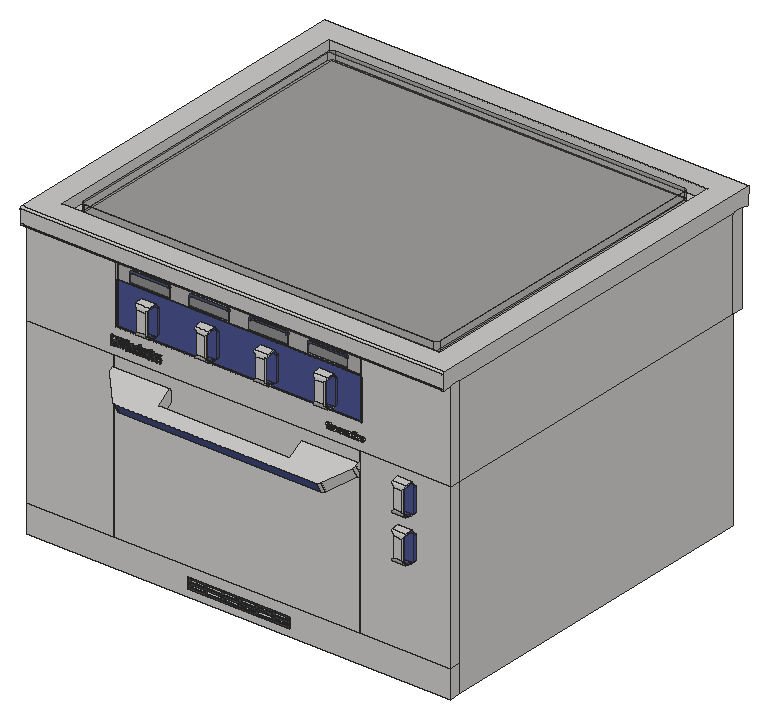
Revit family "QF_ELECTROLUXPROFESSIONAL_589665_MCIMEAJ8AO", category Attrezzature speciali, Revit 2020 (continued)
Definition of nested family "Front_Panel_W1000_4 Knobs"
  Definition of nested family "ELX_Professional_Logo_Small"
    Forms (mm)
      Extrusion 2, solid, material <- "Material_Logo"
        sketch origin (15.5, 0, 0) x (1, 0, 0) y (0, 1, 0)
          loop
            spline (-32.6, 1.606) -> (-32.553, 0.805) -> (-32.416, 0.057) -> (-32.193, -0.637) -> (-31.887, -1.271) -> (-31.504, -1.843) -> (-31.048, -2.35) -> (-30.523, -2.788) -> (-29.934, -3.154) -> (-29.284, -3.444) -> (-28.579, -3.656) -> (-27.822, -3.785) -> (-27.019, -3.829)
            spline (-27.019, -3.829) -> (-26.627, -3.82) -> (-26.239, -3.79) -> (-25.856, -3.739) -> (-25.477, -3.663) -> (-25.103, -3.562) -> (-24.734, -3.432) -> (-24.369, -3.273) -> (-24.01, -3.082) -> (-23.655, -2.858) -> (-23.305, -2.597) -> (-22.96, -2.299) -> (-22.621, -1.962)
            line (-22.621, -1.962) -> (-24.114, -0.509)
            spline (-24.114, -0.509) -> (-24.311, -0.699) -> (-24.509, -0.872) -> (-24.71, -1.03) -> (-24.915, -1.172) -> (-25.126, -1.297) -> (-25.346, -1.407) -> (-25.576, -1.5) -> (-25.817, -1.576) -> (-26.072, -1.636) -> (-26.342, -1.678) -> (-26.629, -1.704) -> (-26.936, -1.713)
            spline (-26.936, -1.713) -> (-27.384, -1.691) -> (-27.805, -1.625) -> (-28.196, -1.518) -> (-28.556, -1.372) -> (-28.882, -1.187) -> (-29.174, -0.966) -> (-29.429, -0.71) -> (-29.645, -0.422) -> (-29.821, -0.102) -> (-29.955, 0.247) -> (-30.045, 0.623) -> (-30.089, 1.026)
            line (-30.089, 1.026) -> (-21.956, 1.026) -> (-21.915, 1.897)
          loop
            spline (-24.446, 2.769) -> (-24.47, 3.075) -> (-24.54, 3.37) -> (-24.654, 3.65) -> (-24.807, 3.913) -> (-24.996, 4.156) -> (-25.219, 4.376) -> (-25.472, 4.57) -> (-25.753, 4.736) -> (-26.057, 4.869) -> (-26.382, 4.968) -> (-26.724, 5.03) -> (-27.081, 5.051)
            spline (-27.081, 5.051) -> (-27.464, 5.03) -> (-27.832, 4.97) -> (-28.183, 4.872) -> (-28.513, 4.74) -> (-28.819, 4.577) -> (-29.099, 4.384) -> (-29.347, 4.165) -> (-29.563, 3.923) -> (-29.742, 3.659) -> (-29.881, 3.377) -> (-29.977, 3.079) -> (-30.027, 2.769)
            line (-30.027, 2.769) -> (-24.446, 2.769)
          loop
            spline (-18.167, 1.669) -> (-18.138, 2.13) -> (-18.055, 2.567) -> (-17.921, 2.978) -> (-17.739, 3.358) -> (-17.512, 3.705) -> (-17.243, 4.016) -> (-16.937, 4.287) -> (-16.596, 4.517) -> (-16.223, 4.7) -> (-15.823, 4.835) -> (-15.398, 4.919) -> (-14.951, 4.947)
            spline (-14.951, 4.947) -> (-14.677, 4.938) -> (-14.414, 4.913) -> (-14.162, 4.871) -> (-13.921, 4.812) -> (-13.69, 4.738) -> (-13.467, 4.649) -> (-13.254, 4.544) -> (-13.048, 4.424) -> (-12.85, 4.291) -> (-12.659, 4.143) -> (-12.474, 3.981) -> (-12.295, 3.806)
            line (-12.295, 3.806) -> (-10.76, 5.403)
            spline (-10.76, 5.403) -> (-11.065, 5.709) -> (-11.38, 5.984) -> (-11.703, 6.228) -> (-12.035, 6.443) -> (-12.375, 6.63) -> (-12.723, 6.788) -> (-13.078, 6.92) -> (-13.44, 7.026) -> (-13.809, 7.107) -> (-14.184, 7.164) -> (-14.564, 7.198) -> (-14.951, 7.209)
            spline (-14.951, 7.209) -> (-15.725, 7.161) -> (-16.467, 7.02) -> (-17.169, 6.792) -> (-17.826, 6.482) -> (-18.43, 6.096) -> (-18.976, 5.637) -> (-19.455, 5.112) -> (-19.862, 4.525) -> (-20.19, 3.882) -> (-20.433, 3.189) -> (-20.584, 2.449) -> (-20.635, 1.669)
            spline (-20.635, 1.669) -> (-20.584, 0.889) -> (-20.433, 0.149) -> (-20.19, -0.545) -> (-19.862, -1.187) -> (-19.455, -1.774) -> (-18.976, -2.299) -> (-18.43, -2.758) -> (-17.826, -3.145) -> (-17.169, -3.454) -> (-16.467, -3.682) -> (-15.725, -3.823) -> (-14.951, -3.871)
            spline (-14.951, -3.871) -> (-14.564, -3.86) -> (-14.184, -3.826) -> (-13.809, -3.77) -> (-13.44, -3.689) -> (-13.078, -3.583) -> (-12.723, -3.451) -> (-12.375, -3.292) -> (-12.035, -3.105) -> (-11.703, -2.89) -> (-11.38, -2.646) -> (-11.065, -2.371) -> (-10.76, -2.066)
            line (-10.76, -2.066) -> (-12.295, -0.468)
            spline (-12.295, -0.468) -> (-12.474, -0.643) -> (-12.659, -0.805) -> (-12.85, -0.953) -> (-13.048, -1.087) -> (-13.254, -1.206) -> (-13.467, -1.311) -> (-13.69, -1.4) -> (-13.921, -1.475) -> (-14.162, -1.533) -> (-14.414, -1.575) -> (-14.677, -1.6) -> (-14.951, -1.609)
            spline (-14.951, -1.609) -> (-15.398, -1.581) -> (-15.823, -1.497) -> (-16.223, -1.362) -> (-16.596, -1.179) -> (-16.937, -0.95) -> (-17.243, -0.678) -> (-17.512, -0.367) -> (-17.739, -0.02) -> (-17.921, 0.36) -> (-18.055, 0.771) -> (-18.138, 1.208) -> (-18.167, 1.669)
          loop
            spline (-4.441, -1.243) -> (-4.659, -1.247) -> (-4.894, -1.23) -> (-5.137, -1.19) -> (-5.384, -1.121) -> (-5.628, -1.021) -> (-5.864, -0.884) -> (-6.084, -0.708) -> (-6.283, -0.488) -> (-6.454, -0.219) -> (-6.592, 0.101) -> (-6.69, 0.478) -> (-6.742, 0.914)
            line (-6.742, 0.914) -> (-6.742, 4.587) -> (-4.487, 4.587) -> (-4.487, 6.838) -> (-6.738, 6.838) -> (-6.738, 10.824) -> (-9.217, 10.824) -> (-9.217, 0.773)
            spline (-9.217, 0.773) -> (-9.164, 0.19) -> (-9.068, -0.358) -> (-8.928, -0.87) -> (-8.742, -1.343) -> (-8.511, -1.777) -> (-8.232, -2.168) -> (-7.904, -2.515) -> (-7.527, -2.816) -> (-7.098, -3.069) -> (-6.618, -3.273) -> (-6.084, -3.426) -> (-5.496, -3.525)
            line (-5.496, -3.525) -> (-4.45, -3.573) -> (-4.441, -1.243)
          loop
            spline (3.898, 6.983) -> (3.469, 7.009) -> (3.056, 7.001) -> (2.661, 6.961) -> (2.283, 6.888) -> (1.925, 6.785) -> (1.588, 6.652) -> (1.272, 6.49) -> (0.979, 6.301) -> (0.71, 6.085) -> (0.465, 5.844) -> (0.247, 5.578) -> (0.056, 5.289)
            line (0.056, 5.289) -> (0.056, 6.838) -> (-2.402, 6.838) -> (-2.402, -3.572) -> (0.056, -3.572) -> (0.056, 1.901)
            spline (0.056, 1.901) -> (0.079, 2.316) -> (0.145, 2.703) -> (0.254, 3.06) -> (0.404, 3.386) -> (0.592, 3.679) -> (0.818, 3.938) -> (1.08, 4.162) -> (1.375, 4.348) -> (1.703, 4.495) -> (2.062, 4.602) -> (2.45, 4.668) -> (2.865, 4.69)
            line (2.865, 4.69) -> (3.898, 4.586) -> (3.898, 6.983)
          loop
            spline (15.638, 1.633) -> (15.586, 2.396) -> (15.435, 3.124) -> (15.192, 3.81) -> (14.863, 4.449) -> (14.455, 5.034) -> (13.975, 5.56) -> (13.43, 6.021) -> (12.826, 6.411) -> (12.17, 6.724) -> (11.469, 6.955) -> (10.729, 7.098) -> (9.958, 7.147)
            spline (9.958, 7.147) -> (9.182, 7.098) -> (8.44, 6.955) -> (7.737, 6.724) -> (7.081, 6.411) -> (6.477, 6.021) -> (5.933, 5.56) -> (5.454, 5.034) -> (5.048, 4.449) -> (4.721, 3.81) -> (4.479, 3.124) -> (4.329, 2.396) -> (4.277, 1.633)
            spline (4.277, 1.633) -> (4.329, 0.869) -> (4.479, 0.141) -> (4.721, -0.544) -> (5.048, -1.183) -> (5.454, -1.768) -> (5.933, -2.294) -> (6.477, -2.755) -> (7.081, -3.145) -> (7.737, -3.459) -> (8.44, -3.69) -> (9.182, -3.833) -> (9.958, -3.882)
            spline (9.958, -3.882) -> (10.729, -3.833) -> (11.469, -3.69) -> (12.17, -3.459) -> (12.826, -3.145) -> (13.43, -2.755) -> (13.975, -2.294) -> (14.455, -1.768) -> (14.863, -1.183) -> (15.192, -0.544) -> (15.435, 0.141) -> (15.586, 0.869) -> (15.638, 1.633)
          loop
            spline (13.18, 1.633) -> (13.151, 2.083) -> (13.067, 2.513) -> (12.932, 2.918) -> (12.748, 3.296) -> (12.52, 3.642) -> (12.251, 3.954) -> (11.943, 4.227) -> (11.601, 4.459) -> (11.228, 4.645) -> (10.828, 4.782) -> (10.403, 4.867) -> (9.958, 4.896)
            spline (9.958, 4.896) -> (9.509, 4.867) -> (9.081, 4.782) -> (8.679, 4.645) -> (8.306, 4.459) -> (7.964, 4.227) -> (7.658, 3.954) -> (7.39, 3.642) -> (7.163, 3.296) -> (6.981, 2.918) -> (6.847, 2.513) -> (6.765, 2.083) -> (6.736, 1.633)
            spline (6.736, 1.633) -> (6.765, 1.182) -> (6.847, 0.753) -> (6.981, 0.347) -> (7.163, -0.031) -> (7.39, -0.377) -> (7.658, -0.689) -> (7.964, -0.962) -> (8.306, -1.193) -> (8.679, -1.38) -> (9.081, -1.517) -> (9.509, -1.602) -> (9.958, -1.631)
            spline (9.958, -1.631) -> (10.403, -1.602) -> (10.828, -1.517) -> (11.228, -1.38) -> (11.601, -1.193) -> (11.943, -0.962) -> (12.251, -0.689) -> (12.52, -0.377) -> (12.748, -0.031) -> (12.932, 0.347) -> (13.067, 0.753) -> (13.151, 1.182) -> (13.18, 1.633)
          loop
            line (17.162, 4.269) -> (17.162, -3.573) -> (19.642, -3.573) -> (19.642, 10.824) -> (17.162, 10.824) -> (17.162, 4.269)
          loop
            line (28.581, 6.838) -> (28.581, 0.786)
            spline (28.581, 0.786) -> (28.561, 0.393) -> (28.503, 0.038) -> (28.409, -0.279) -> (28.281, -0.559) -> (28.122, -0.802) -> (27.933, -1.011) -> (27.717, -1.185) -> (27.476, -1.325) -> (27.213, -1.433) -> (26.929, -1.509) -> (26.626, -1.554) -> (26.308, -1.569)
            spline (26.308, -1.569) -> (25.99, -1.554) -> (25.688, -1.509) -> (25.404, -1.434) -> (25.141, -1.326) -> (24.9, -1.187) -> (24.684, -1.014) -> (24.496, -0.807) -> (24.336, -0.565) -> (24.209, -0.288) -> (24.115, 0.026) -> (24.057, 0.376) -> (24.037, 0.765)
            line (24.037, 0.765) -> (24.037, 6.838) -> (21.537, 6.838) -> (21.537, 0.558)
            spline (21.537, 0.558) -> (21.581, -0.153) -> (21.71, -0.8) -> (21.916, -1.384) -> (22.195, -1.904) -> (22.54, -2.362) -> (22.944, -2.757) -> (23.403, -3.09) -> (23.909, -3.362) -> (24.456, -3.572) -> (25.04, -3.722) -> (25.652, -3.811) -> (26.288, -3.841)
            spline (26.288, -3.841) -> (26.929, -3.811) -> (27.547, -3.72) -> (28.135, -3.568) -> (28.687, -3.355) -> (29.197, -3.079) -> (29.66, -2.741) -> (30.068, -2.341) -> (30.415, -1.877) -> (30.696, -1.349) -> (30.905, -0.757) -> (31.034, -0.101) -> (31.079, 0.621)
            line (31.079, 0.621) -> (31.079, 6.838) -> (28.581, 6.838)
          loop
            line (40.457, -0.243) -> (38.894, 1.942) -> (40.83, 4.579) -> (42.488, 6.837) -> (39.782, 6.837) -> (37.53, 3.719) -> (35.258, 6.837) -> (32.573, 6.837) -> (34.113, 4.731) -> (36.167, 1.922) -> (34.014, -1.076) -> (32.222, -3.573) -> (34.887, -3.573) -> (37.53, 0.104) -> (40.174, -3.573) -> (42.839, -3.573) -> (40.457, -0.243)
          loop
            line (-46.121, -5.837) -> (-48.039, -5.837) -> (-48.039, -10.814) -> (-47.016, -10.814) -> (-47.016, -9.128) -> (-46.121, -9.128)
            arc (-46.121, -9.128) -> (-44.476, -7.482) -> (-46.121, -5.837) r 1.645
          loop
            line (-46.163, -6.778) -> (-47.016, -6.778) -> (-47.016, -8.187) -> (-46.163, -8.187)
            arc (-46.163, -8.187) -> (-45.458, -7.482) -> (-46.163, -6.778) r 0.704
          loop
            line (-38.313, -5.837) -> (-40.265, -5.837) -> (-40.265, -10.814) -> (-39.241, -10.814) -> (-39.241, -9.1) -> (-38.46, -9.182) -> (-37.48, -10.814) -> (-36.318, -10.814) -> (-37.513, -8.848)
            arc (-37.513, -8.848) -> (-36.888, -8.266) -> (-36.671, -7.441) r 1.536
            arc (-36.671, -7.441) -> (-37.165, -6.305) -> (-38.313, -5.837) r 1.643
          loop
            arc (-38.402, -8.166) -> (-37.707, -7.505) -> (-38.334, -6.778) r 0.696
            line (-38.334, -6.778) -> (-39.241, -6.778) -> (-39.241, -8.166) -> (-38.402, -8.166)
          loop
            circle (-29.965, -8.325) r 2.585
          loop
            circle (-29.965, -8.325) r 1.64
          loop
            line (-23.1, -5.837) -> (-23.1, -10.814) -> (-22.076, -10.814) -> (-22.076, -8.768) -> (-20.204, -8.768) -> (-20.204, -7.828) -> (-22.076, -7.828) -> (-22.076, -6.778) -> (-20.024, -6.778) -> (-20.024, -5.837) -> (-23.1, -5.837)
          loop
            line (-15.802, -5.837) -> (-15.802, -9.2)
            arc (-15.802, -9.2) -> (-15.343, -10.34) -> (-14.209, -10.814) r 1.593
            line (-14.209, -10.814) -> (-12.602, -10.814) -> (-12.602, -10.027) -> (-14.004, -10.027)
            arc (-14.004, -10.027) -> (-14.552, -9.8) -> (-14.779, -9.252) r 0.775
            line (-14.779, -9.252) -> (-14.779, -8.424) -> (-12.789, -8.424) -> (-12.789, -7.642) -> (-14.779, -7.642) -> (-14.779, -6.778) -> (-12.651, -6.778) -> (-12.651, -5.837) -> (-15.802, -5.837)
          loop
            line (-5.909, -7.143) -> (-5.173, -6.638)
            arc (-5.173, -6.638) -> (-5.855, -5.974) -> (-6.781, -5.755) r 1.782
            arc (-6.781, -5.755) -> (-7.397, -5.878) -> (-7.944, -6.189) r 1.974
            arc (-7.944, -6.189) -> (-8.202, -6.5) -> (-8.317, -6.888) r 1.013
            arc (-8.317, -6.888) -> (-8.306, -7.341) -> (-8.192, -7.78) r 1.985
            arc (-8.192, -7.78) -> (-7.749, -8.259) -> (-7.171, -8.563) r 1.928
            arc (-7.171, -8.563) -> (-6.637, -8.779) -> (-6.131, -9.056) r 5.041
            arc (-6.131, -9.056) -> (-5.934, -9.387) -> (-6.09, -9.74) r 0.42
            arc (-6.09, -9.74) -> (-6.631, -9.96) -> (-7.204, -9.845) r 1.016
            arc (-7.204, -9.845) -> (-7.625, -9.603) -> (-7.889, -9.196) r 1.033
            line (-7.889, -9.196) -> (-8.67, -9.686)
            arc (-8.67, -9.686) -> (-8.361, -10.198) -> (-7.908, -10.589) r 1.914
            arc (-7.908, -10.589) -> (-7.334, -10.834) -> (-6.714, -10.896) r 2.063
            arc (-6.714, -10.896) -> (-5.947, -10.743) -> (-5.256, -10.376) r 2.696
            arc (-5.256, -10.376) -> (-4.95, -9.565) -> (-5.108, -8.712) r 1.618
            arc (-5.108, -8.712) -> (-5.448, -8.319) -> (-5.884, -8.035) r 1.876
            arc (-5.884, -8.035) -> (-6.434, -7.789) -> (-6.999, -7.577) r 9.883
            arc (-6.999, -7.577) -> (-7.325, -7.07) -> (-6.854, -6.694) r 0.45
            arc (-6.854, -6.694) -> (-6.329, -6.809) -> (-5.909, -7.143) r 1.197
          loop
            line (1.61, -7.143) -> (2.345, -6.638)
            arc (2.345, -6.638) -> (1.663, -5.974) -> (0.737, -5.755) r 1.782
            arc (0.737, -5.755) -> (0.121, -5.878) -> (-0.425, -6.189) r 1.974
            arc (-0.425, -6.189) -> (-0.683, -6.5) -> (-0.799, -6.888) r 1.013
            arc (-0.799, -6.888) -> (-0.788, -7.341) -> (-0.674, -7.78) r 1.985
            arc (-0.674, -7.78) -> (-0.231, -8.259) -> (0.347, -8.563) r 1.928
            arc (0.347, -8.563) -> (0.881, -8.779) -> (1.387, -9.056) r 5.041
            arc (1.387, -9.056) -> (1.584, -9.387) -> (1.428, -9.74) r 0.42
            arc (1.428, -9.74) -> (0.887, -9.96) -> (0.314, -9.845) r 1.016
            arc (0.314, -9.845) -> (-0.107, -9.603) -> (-0.371, -9.196) r 1.033
            line (-0.371, -9.196) -> (-1.152, -9.686)
            arc (-1.152, -9.686) -> (-0.842, -10.198) -> (-0.39, -10.589) r 1.914
            arc (-0.39, -10.589) -> (0.184, -10.834) -> (0.804, -10.896) r 2.063
            arc (0.804, -10.896) -> (1.572, -10.743) -> (2.263, -10.376) r 2.696
            arc (2.263, -10.376) -> (2.568, -9.565) -> (2.411, -8.712) r 1.618
            arc (2.411, -8.712) -> (2.07, -8.319) -> (1.635, -8.035) r 1.876
            arc (1.635, -8.035) -> (1.084, -7.789) -> (0.519, -7.577) r 9.883
            arc (0.519, -7.577) -> (0.193, -7.07) -> (0.665, -6.694) r 0.45
            arc (0.665, -6.694) -> (1.189, -6.809) -> (1.61, -7.143) r 1.197
          loop
            line (6.801, -5.837) -> (6.801, -10.814) -> (7.825, -10.814) -> (7.825, -5.837) -> (6.801, -5.837)
          loop
            circle (14.724, -8.325) r 1.548
          loop
            circle (14.724, -8.325) r 2.585
          loop
            line (21.59, -10.814) -> (22.623, -10.814) -> (22.623, -7.685) -> (24.9, -10.814) -> (25.895, -10.814) -> (25.895, -5.837) -> (24.861, -5.837) -> (24.861, -9.061) -> (22.585, -5.837) -> (21.59, -5.837) -> (21.59, -10.814)
          loop
            line (31.054, -10.814) -> (31.539, -9.74) -> (33.38, -9.74) -> (33.865, -10.814) -> (34.965, -10.814) -> (32.46, -5.837) -> (29.956, -10.814) -> (31.054, -10.814)
          loop
            line (32.46, -7.698) -> (31.999, -8.719) -> (32.921, -8.719) -> (32.46, -7.698)
          loop
            line (40.047, -9.873) -> (40.047, -5.837) -> (39.024, -5.837) -> (39.024, -10.814) -> (41.961, -10.814) -> (41.961, -9.873) -> (40.047, -9.873)
          loop
            line (-74.986, -10.814) -> (-53.322, -10.814) -> (-53.322, 10.82) -> (-74.986, 10.82) -> (-74.986, -10.814)
          loop
            line (-61.261, 9.758) -> (-61.261, -9.707)
            arc (-61.261, -9.707) -> (-54.066, 0.025) -> (-61.261, 9.758) r 10.18
          loop
            line (-62.251, 8.349) -> (-62.251, 9.758)
            arc (-62.251, 9.758) -> (-70.347, 7.918) -> (-74.247, 0.59) r 9.976
            line (-74.247, 0.59) -> (-71.026, 0.59)
            arc (-71.026, 0.59) -> (-65.274, 2.925) -> (-62.251, 8.349) r 9.351
          loop
            arc (-74.247, -0.539) -> (-70.353, -7.928) -> (-62.251, -9.957) r 10.237
            line (-62.251, -9.957) -> (-62.251, -8.298)
            arc (-62.251, -8.298) -> (-65.274, -2.874) -> (-71.026, -0.539) r 9.351
            line (-71.026, -0.539) -> (-74.247, -0.539)
        from 0 to 1.644
    Dimensions and locks
      aligned and locked: plane 2 to Extrusion 1
      aligned and locked: level to Extrusion 1
